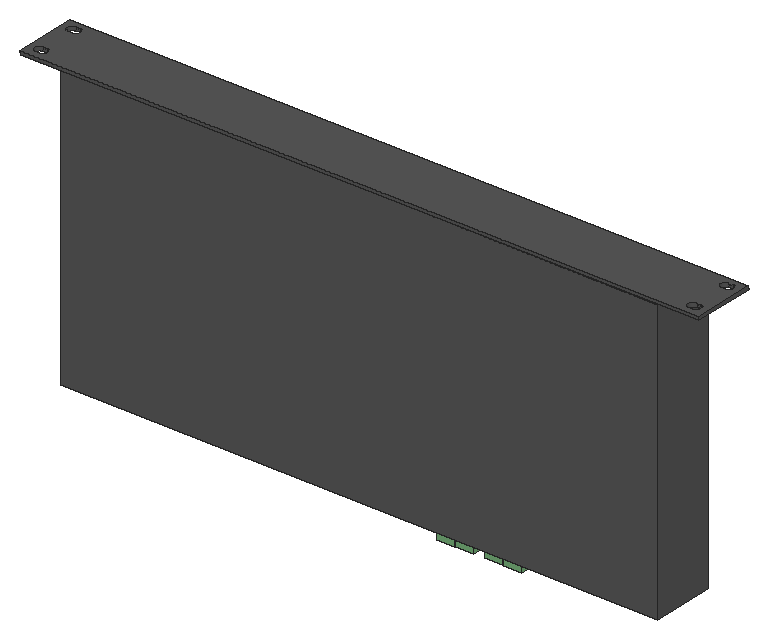
Revit family "Electronics_Masking-Generators_Biamp_Cambridge_Networked-Sound-Masking-Processor_DS3002__", category Communication Devices, host Face, Revit 2020
Family settings
  Host = Face
  Maintain Annotation Orientation = No
  Round Connector Dimension = Use Diameter
  Part Type = Normal
  OmniClass Number = 23.85.10.11.11
  OmniClass Title = Sound and Signal Devices
  Cut with Voids When Loaded = No
  Shared = No
  Room Calculation Point = No
Parameters (values of type "DS3002")
  Width = 19.00"  # constant formula
  Weight = 6.00 lbf  # constant formula
  Voltage = 120 V
  URL = "https://www.biamp.com/"
  Temperature Range = "14 - 104° F (-10 – 40° C)"  # constant formula
  Sound Masking Equalization = "1/3 Octave Bands"  # constant formula
  Product data url = "https://www.bimobject.com/biamp/product/ds3002_masking-generator"
  Product Page URL = "https://www.biamp.com/products/product-families/cambridge/masking-generators#ds3002"
  Product Documentation Link = "https://downloads.biamp.com/assets/docs/default-source/data-sheets/biamp_data_sheet_dynasound_ds3002.pdf"
  Power Factor = 1
  Output Level = "Line Level\r"  # constant formula
  Output Connector Type = "Captive Screw Terminal"  # constant formula
  Number of Poles = 1
  Number of Outputs = "2 (Mono)"  # constant formula
  Number of Non-Correlated Masking Sources = "4"  # constant formula
  Number of Masking Zones = "Up to 2"  # constant formula
  Number of Inputs = "2 (Mono)"  # constant formula
  Nominal Output Impedance = "150Ω"  # constant formula
  Network Connection = "RJ-45 with Ethernet cable (Cat 5e and above)"  # constant formula
  Model = "DS3002"
  Maximum Power Consumption = "22W"  # constant formula
  Max Power Consumption = 0 W
  Masking Level Adjustment = "via Privacy Manager Software"  # constant formula
  Manufacturer = "Biamp"  # constant formula
  Input Level Adjustment = "n/a"  # constant formula
  Input Level = "Line Level"  # constant formula
  Input Impedance = "20kΩ balanced / 10kΩ unbalanced"  # constant formula
  Input Connector Type = "Captive Screw Terminal\r"  # constant formula
  Included Accessories = "Ethernet Crossover Cable"  # constant formula
  Humidity = "0-95% relative humidity (non-condensing)"  # constant formula
  Housing Material = Biamp - Plastic - Black
  Height = 1.75"  # constant formula
  Function = "Optional via Software"  # constant formula
  Frequency Response Sound Masking = "100Hz to 10kHz"  # constant formula
  Frequency Response Music/Paging = "20Hz to 20kHz"  # constant formula
  Description = "Dynasound® DS3002 Networked Sound Masking, Paging and Music Processor"  # constant formula
  Depth = 8.00"  # constant formula
  Default Elevation = 48.00"
  Connector Description = "120VAC 50/60Hz"  # constant formula
  Connector = "DS-CP8200"  # constant formula
  Compliance = "ETL listed (USA)"  # constant formula
  Assembly Code = ""
  Apparent Load = Max Power Consumption / Power Factor  # 0 VA
  Altitude = "0-6,600 ft (0-2000m) MSL"  # constant formula
Reference planes (in)
  plane 1: y = 0
  plane 2: z = 0
  plane 3 "Center (Left/Right)": x = 0
  plane 4 "Center (Front/Back)": y = 0.875
  plane 5: y = 1.75
  plane 6: x = 18.30425
Dimensions and locks (in)
  aligned and locked: plane 2 to host face
  aligned and locked: level to host face
Nested families (in)
  nested 1: "DS3002" at (9.15212, 0, -3.90842) x (1, 0, 0) z (0, 1, 0), type "DS3002"
Connectors (in)
  electrical at (16.28429, 0.35137, -7.86977), driven by "Number of Poles", driven by "Voltage", driven by "Apparent Load", driven by "Connector Description", driven by "Power Factor"
    settings: on nested 1, index 1, voltage 120 V, apparent load 0 VA, apparent load phase1 0 VA, apparent load phase2 0 VA, apparent load phase3 0 VA, power factor 1, load classification "Other", number of poles 1, system type 31, power factor state 1, is connector primary yes, connector utility no, sub classification motor no, connector description "120VAC 50/60Hz"
  electrical at (15.57746, 0.37381, -7.86977)
    settings: on nested 1, index 2, voltage 0 V, apparent load 0 VA, apparent load phase1 0 VA, apparent load phase2 0 VA, apparent load phase3 0 VA, power factor 1, load classification "Other", number of poles 1, system type 5, power factor state 1, is connector primary no, connector utility no, sub classification motor no, connector description "RJ-45 with Ethernet cable (Cat 5e and above)"
  electrical at (13.37724, 0.30278, -8.15035)
    settings: on nested 1, index 3, voltage 0 V, apparent load 0 VA, apparent load phase1 0 VA, apparent load phase2 0 VA, apparent load phase3 0 VA, power factor 1, load classification "Other", number of poles 1, system type 5, power factor state 1, is connector primary no, connector utility no, sub classification motor no, connector description "Audio Input Captive Screw Terminal"
  electrical at (12.83726, 0.30278, -8.15035)
    settings: on nested 1, index 4, voltage 0 V, apparent load 0 VA, apparent load phase1 0 VA, apparent load phase2 0 VA, apparent load phase3 0 VA, power factor 1, load classification "Other", number of poles 1, system type 5, power factor state 1, is connector primary no, connector utility no, sub classification motor no, connector description "Audio Input Captive Screw Terminal"
  electrical at (12.03627, 0.30278, -8.15035)
    settings: on nested 1, index 5, voltage 0 V, apparent load 0 VA, apparent load phase1 0 VA, apparent load phase2 0 VA, apparent load phase3 0 VA, power factor 1, load classification "Other", number of poles 1, system type 5, power factor state 1, is connector primary no, connector utility no, sub classification motor no, connector description "Audio Output Captive Screw Terminal"
  electrical at (11.49629, 0.30278, -8.15035)
    settings: on nested 1, index 6, voltage 0 V, apparent load 0 VA, apparent load phase1 0 VA, apparent load phase2 0 VA, apparent load phase3 0 VA, power factor 1, load classification "Other", number of poles 1, system type 5, power factor state 1, is connector primary no, connector utility no, sub classification motor no, connector description "Audio Output Captive Screw Terminal"
Definition of nested family "DS3002"
  Parameters (values of type "DS3002")
    Width = 19.00"  # constant formula
    Weight = 6.00 lbf  # constant formula
    URL = ""
    Model = "DS3002"
    Manufacturer = "Biamp"
    Housing Material = none
    Height = 1.75"  # constant formula
    Description = ""
    Depth = 8.00"  # constant formula
    Default Elevation = 48.00"
    Assembly Code = "D6030.10"
  Reference planes (in)
    plane 1 "Center (Front/Back)": y = 0
    plane 2: z = 0
    plane 3 "Center (Left/Right)": x = 0
    plane 4: x = -9.5
    plane 5: x = 9.5
    plane 6: y = 4
    plane 7: y = -4
    plane 8: z = 1.75
  Forms (in)
    Extrusion 1, solid
      sketch origin (0, 0, 0) x (1, 0, 0) y (0, 1, 0)
        loop
          line (-48, 48) -> (-48, -48) -> (48, -48) -> (48, 48) -> (-48, 48)
      from 0 to -12
    Extrusion 2, solid, material <- "Housing Material"
      sketch origin (0, 0, 0) x (1, 0, 0) y (0, 0, 1)
        loop
          line (-9.5, 1.75) -> (-9.5, 0) -> (9.5, 0) -> (9.5, 1.75) -> (-9.5, 1.75)
        loop
          arc (-9.10026, 1.31711) -> (-8.96811, 1.44926) -> (-9.10026, 1.58142) r 0.13216
          line (-9.10026, 1.58142) -> (-9.20398, 1.58142)
          arc (-9.20398, 1.58142) -> (-9.33614, 1.44926) -> (-9.20398, 1.31711) r 0.13216
          line (-9.20398, 1.31711) -> (-9.10026, 1.31711)
        loop
          line (-9.10026, 0.43289) -> (-9.20398, 0.43289)
          arc (-9.20398, 0.43289) -> (-9.33614, 0.30074) -> (-9.20398, 0.16858) r 0.13216
          line (-9.20398, 0.16858) -> (-9.10026, 0.16858)
          arc (-9.10026, 0.16858) -> (-8.96811, 0.30074) -> (-9.10026, 0.43289) r 0.13216
        loop
          line (9.10026, 1.31711) -> (9.20398, 1.31711)
          arc (9.20398, 1.31711) -> (9.33614, 1.44926) -> (9.20398, 1.58142) r 0.13216
          line (9.20398, 1.58142) -> (9.10026, 1.58142)
          arc (9.10026, 1.58142) -> (8.96811, 1.44926) -> (9.10026, 1.31711) r 0.13216
        loop
          arc (9.10026, 0.43289) -> (8.96811, 0.30074) -> (9.10026, 0.16858) r 0.13216
          line (9.10026, 0.16858) -> (9.20398, 0.16858)
          arc (9.20398, 0.16858) -> (9.33614, 0.30074) -> (9.20398, 0.43289) r 0.13216
          line (9.20398, 0.43289) -> (9.10026, 0.43289)
      from 3.90842 to 4
    Extrusion 3, solid, material <- "Housing Material"
      sketch origin (0, 0, 0) x (1, 0, 0) y (0, 0, 1)
        loop
          line (-8.37418, 1.75) -> (-8.37418, 0) -> (8.37418, 0) -> (8.37418, 1.75) -> (-8.37418, 1.75)
      from -4 to 3.90842
    Extrusion 4, void
      sketch origin (0, 0, 0) x (1, 0, 0) y (0, 0, 1)
        loop
          circle (7.13216, 0.35137) r 0.13463
        loop
          line (6.72079, 0.59072) -> (6.1299, 0.59072) -> (6.1299, 0.1569) -> (6.72079, 0.1569) -> (6.72079, 0.59072)
      from -4 to -3.96135
    Extrusion 5, solid
      sketch origin (0, 0, 0) x (1, 0, 0) y (0, 0, 1)
        loop
          line (4.47512, 0.5044) -> (3.97512, 0.5044) -> (3.97512, 0.10115) -> (4.47512, 0.10115) -> (4.47512, 0.5044)
        loop
          line (3.93513, 0.5044) -> (3.43513, 0.5044) -> (3.43513, 0.10115) -> (3.93513, 0.10115) -> (3.93513, 0.5044)
        loop
          line (3.13415, 0.5044) -> (2.63415, 0.5044) -> (2.63415, 0.10115) -> (3.13415, 0.10115) -> (3.13415, 0.5044)
        loop
          line (2.59416, 0.5044) -> (2.09416, 0.5044) -> (2.09416, 0.10115) -> (2.59416, 0.10115) -> (2.59416, 0.5044)
      from -4 to -4.24193
  Cuts and joins
    Extrusion 4 cuts Extrusion 3
  Lines and regions (in)
    Masking region 1
      outline origin (0, 0, 0) x (1, 0, 0) y (0, 1, 0)
        loop
          line (-9.5, -4) -> (9.5, -4) -> (9.5, -3.90842) -> (8.37418, -3.90842) -> (8.37418, 4) -> (-8.37418, 4) -> (-8.37418, -3.90842) -> (-9.5, -3.90842) -> (-9.5, -4)
    Masking region 2
      outline origin (0, 0, 0) x (1, 0, 0) y (0, 1, 0)
        loop
          line (2.09416, 4.24193) -> (2.09416, 4) -> (2.59416, 4) -> (2.59416, 4.24193) -> (2.09416, 4.24193)
        loop
          line (2.63415, 4.24193) -> (2.63415, 4) -> (3.13415, 4) -> (3.13415, 4.24193) -> (2.63415, 4.24193)
        loop
          line (3.43513, 4.24193) -> (3.43513, 4) -> (3.93513, 4) -> (3.93513, 4.24193) -> (3.43513, 4.24193)
        loop
          line (3.97512, 4.24193) -> (3.97512, 4) -> (4.47512, 4) -> (4.47512, 4.24193) -> (3.97512, 4.24193)
    symbolic lines
      curve 1: line (-8.37418, -3.90842, 0) -> (8.37418, -3.90842, 0)
  Dimensions and locks (in)
    equal spacing: plane 6, plane 1 "Center (Front/Back)", plane 7
    "Depth": plane 6 to plane 7
    equal spacing: plane 4, plane 3 "Center (Left/Right)", plane 5
    "Width": plane 4 to plane 5
    "Height": plane 8 to plane 2
    aligned and locked: plane 2 to Extrusion 1
    aligned and locked: level to Extrusion 1
    aligned and locked: Extrusion 2 sketch curve to plane 8
    aligned and locked: level to Extrusion 2 sketch curve
    aligned and locked: Extrusion 2 sketch curve to plane 5
    aligned and locked: plane 4 to Extrusion 2 sketch curve
  Automatic sketch dimensions
    Extrusion 1 sketch curve to Extrusion 1 sketch curve = 96.00"  (x2)
    plane 4 to Extrusion 2 sketch curve = 0.29602"  (x2)
    Extrusion 2 sketch curve to Extrusion 2 sketch curve = 0.10372"  (x4)
    Extrusion 2 sketch curve to plane 5 = 0.39974"  (x2)
    level to Extrusion 2 sketch curve = 0.16858"  (x2)
    Extrusion 2 sketch curve to Extrusion 2 sketch curve = 0.13216"  (x4)
    Extrusion 2 sketch curve to plane 8 = 0.43289"  (x2)
    Extrusion 3 sketch curve to level = 0.00"
    Extrusion 3 sketch curve to plane 8 = 0.00"
    plane 4 to Extrusion 3 sketch curve = 1.12582"
    Extrusion 3 sketch curve to plane 5 = 1.12582"
    level to Extrusion 4 sketch curve = 0.59072"
    Extrusion 4 sketch curve to plane 5 = 3.3701"
    Extrusion 4 sketch curve to Extrusion 4 sketch curve = 0.59089"
    Extrusion 4 sketch curve to Extrusion 4 sketch curve = 0.41138"
    level to Extrusion 4 sketch curve = 0.35137"
    level to Extrusion 4 sketch curve = 0.1569"
    level to Extrusion 5 sketch curve = 0.5044"
    plane 3 "Center (Left/Right)" to Extrusion 5 sketch curve = 2.09416"
    level to Extrusion 5 sketch curve = 0.10115"  (x4)
    Extrusion 5 sketch curve to Extrusion 5 sketch curve = 0.50"  (x4)
    Extrusion 5 sketch curve to Extrusion 5 sketch curve = 0.03998"  (x2)
    Extrusion 5 sketch curve to Extrusion 5 sketch curve = 0.30099"
    Extrusion 5 sketch curve to Extrusion 5 sketch curve = 0.40325"  (x2)
    Extrusion 5 sketch curve to Extrusion 5 sketch curve = 0.00"
    Masking region 1 sketch curve to plane 4 = 0.00"
    Masking region 1 sketch curve to plane 6 = 0.00"
    Masking region 1 sketch curve to plane 5 = 0.00"
    Masking region 1 sketch curve to plane 7 = 0.00"
    plane 4 to Masking region 1 sketch curve = 1.12582"
    plane 7 to Masking region 1 sketch curve = 0.09158"  (x2)
    Masking region 1 sketch curve to Masking region 1 sketch curve = 1.12582"
    plane 7 to curve 1 = 0.09158"
    plane 4 to curve 1 = 1.12582"
    curve 1 to plane 5 = 1.12582"
    Masking region 2 sketch curve to plane 6 = 0.00"  (x4)
    plane 3 "Center (Left/Right)" to Masking region 2 sketch curve = 2.09416"
    Masking region 2 sketch curve to Masking region 2 sketch curve = 0.50"  (x4)
    Masking region 2 sketch curve to Masking region 2 sketch curve = 0.03998"  (x2)
    plane 6 to Masking region 2 sketch curve = 0.24193"  (x3)
    Masking region 2 sketch curve to Masking region 2 sketch curve = 0.30099"
    Masking region 2 sketch curve to Masking region 2 sketch curve = 0.00"
    radius of Extrusion 4 sketch curve = 0.13463"
